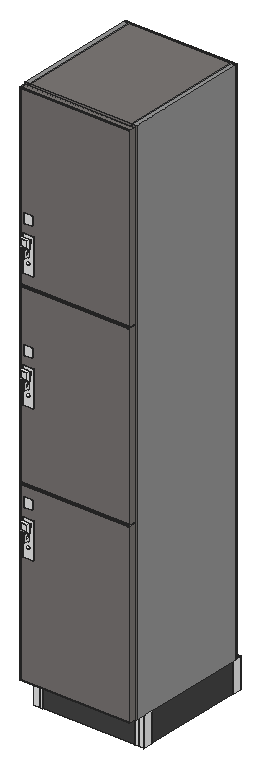
Revit family "Wood_Lockers_Hasps-Salsbury_Industries-15_43000_Series-1_Wide_Units.rfa", category Specialty Equipment, Revit 2016 (continued)
Definition of nested family "Wood Locker Flat Corner Fillers"
  Dimensions and locks (in)
    locked: plane 5 "Left Side" to plane 11 at 3
    plane 12 to plane 7 "Back Side" = 13.875"
    aligned and locked: level to plane 2
  Automatic sketch dimensions
    Extrusion 2 sketch curve to plane 5 "Left Side" = 0.000"
    plane 6 "Front Side" to Extrusion 2 sketch curve = 0.000"
    Extrusion 2 sketch curve to plane 11 = 0.000"
    Extrusion 2 sketch curve to plane 4 "Right Side" = 0.000"
    Extrusion 2 sketch curve to plane 12 = 0.000"
    plane 7 "Back Side" to Extrusion 2 sketch curve = 0.000"
    Extrusion 1 sketch curve to plane 5 "Left Side" = 0.000"
    plane 7 "Back Side" to Extrusion 1 sketch curve = 0.000"
    Extrusion 1 sketch curve to plane 12 = 0.000"
    Extrusion 1 sketch curve to plane 4 "Right Side" = 0.000"
    plane 6 "Front Side" to Extrusion 1 sketch curve = 0.000"
    Extrusion 1 sketch curve to plane 11 = 0.000"
Definition of nested family "Wood Locker Side Panels-No Slope"
  Parameters (values of type "44237 - 6' H for 24"D Lockers")
    Width = 23.625"
    Visible = yes
    Version = "1.0 (12/15/23)"
    Type Comments = "Side Panel for Premier Wood Lockers without Sloping Hood"
    Model = "44237"
    Manufacturer = "Salsbury Industries"
    Laminate Surface = none
    Height = 72.000"
    Door Trim = none
    Description = "6' H for 21\" D Lockers"
    Depth = 0.750"
  Types (6): name | Width | Visible | Version | Type Comments | Model | Manufacturer | Description
    (no name) | 23.625" | yes | "1.0 (12/15/23)" | "Side Panel for Premier Wood Lockers without Sloping Hood" | "44237" | "Salsbury Industries" | "6' H for 21\" D Lockers"
    44330 - 6' H for 15"D Lockers | 14.625" | yes | "1.0 (12/15/23)" | "Side Panel for Premier Wood Lockers without Sloping Hood" | "44330" | "Salsbury Industries" | "6' H for 15\" D Lockers"
    44333 - 6' H for 18" D Lockers | 17.625" | yes | "1.0 (12/15/23)" | "Side Panel for Premier Wood Lockers withouth Sloping Hood" | "44333" | "Salsbury Industries" | "6' H for 18\" D Lockers"
    44335 - 6' H for 21" D Lockers | 20.625" | yes | "1.0 (12/15/23)" | "Side Panel for Premier Wood Lockers without Sloping Hood" | "44335" | "Salsbury Industries" | "6' H for 21\" D Lockers"
    None | 14.000" | no | "" | "" | "" | "" | ""
    44237 - 6' H for 24"D Lockers | 23.625" | yes | "1.0 (12/15/23)" | "Side Panel for Premier Wood Lockers without Sloping Hood" | "44237" | "Salsbury Industries" | "6' H for 21\" D Lockers"
  Reference planes (in)
    plane 1 "Center (Front/Back)": y = 0
    plane 2: z = 0
    plane 3 "Center (Left/Right)": x = 0
    plane 4 "Back": y = 0.375
    plane 5 "Front": y = -0.375
    plane 6 "Left Side": x = -11.8125
    plane 7 "Right Side": x = 11.8125
    plane 8 "Bottom": z = 0
    plane 9 "Top": z = 72
    plane 10 "Center Elevation": z = 36
    plane 11 "Wood - Laminate Edge": y = -0.344
    plane 12 "Right Side of Wood": x = 11.7815
    plane 13 "Left Side of Wood": x = -11.7815
    plane 14 "Top of Wood": z = 71.969
    plane 15 "Bottom of Wood": z = 0.031
  Forms (in)
    Extrusion 1, solid, visible <- "Visible"
      sketch origin (0, 0.375, 0) x (1, 0, 0) y (0, 0, 1)
        loop
          line (11.7815, 71.969) -> (-11.7815, 71.969) -> (-11.7815, 0.031) -> (11.7815, 0.031) -> (11.7815, 71.969)
      from 0 to 0.719
    Extrusion 2, solid, material <- "Laminate Surface", visible <- "Visible"
      sketch origin (0, -0.375, 0) x (1, 0, 0) y (0, 0, 1)
        loop
          line (-11.8125, 72) -> (-11.8125, 0) -> (11.8125, 0) -> (11.8125, 72) -> (-11.8125, 72)
      from -0.031 to 0
    Extrusion 3, solid, material <- "Laminate Surface", visible <- "Visible"
      sketch origin (0, 0, 0) x (1, 0, 0) y (0, 0, 1)
        loop
          line (-11.8125, 0) -> (11.8125, 0) -> (11.8125, 72) -> (-11.8125, 72) -> (-11.8125, 0)
        loop
          line (-11.7815, 0.031) -> (11.7815, 0.031) -> (11.7815, 71.969) -> (-11.7815, 71.969) -> (-11.7815, 0.031)
      from -0.375 to 0.344
  Dimensions and locks (in)
    equal spacing: plane 6 "Left Side", plane 3 "Center (Left/Right)", plane 7 "Right Side"
    plane 5 "Front" to plane 1 "Center (Front/Back)" to plane 4 "Back" = 0.375", 0.375"
    "Width": plane 6 "Left Side" to plane 7 "Right Side"
    "Depth": plane 5 "Front" to plane 4 "Back"
    equal spacing: plane 9 "Top", plane 10 "Center Elevation", plane 8 "Bottom"
    "Height": plane 9 "Top" to plane 8 "Bottom"
    locked: plane 5 "Front" to plane 11 "Wood - Laminate Edge" at 0.031
    locked: plane 15 "Bottom of Wood" to plane 8 "Bottom" at 0.031
    locked: plane 12 "Right Side of Wood" to plane 7 "Right Side" at 0.031
    locked: plane 6 "Left Side" to plane 13 "Left Side of Wood" at 0.031
    locked: plane 9 "Top" to plane 14 "Top of Wood" at 0.031
    aligned and locked: level to plane 2
    aligned and locked: Extrusion 2 sketch curve to plane 7 "Right Side"
    aligned and locked: plane 8 "Bottom" to Extrusion 2 sketch curve
    aligned and locked: plane 6 "Left Side" to Extrusion 2 sketch curve
    aligned and locked: plane 9 "Top" to Extrusion 2 sketch curve
    aligned and locked: Extrusion 3 to plane 4 "Back"
    aligned and locked: plane 11 "Wood - Laminate Edge" to Extrusion 3
  Automatic sketch dimensions
    plane 13 "Left Side of Wood" to Extrusion 1 sketch curve = 0.000"
    plane 12 "Right Side of Wood" to Extrusion 1 sketch curve = 0.000"
    Extrusion 1 sketch curve to plane 15 "Bottom of Wood" = 0.000"
    Extrusion 1 sketch curve to plane 14 "Top of Wood" = 0.000"
    plane 13 "Left Side of Wood" to Extrusion 3 sketch curve = 0.000"
    Extrusion 3 sketch curve to level = 0.000"
    plane 13 "Left Side of Wood" to Extrusion 3 sketch curve = 0.031"
    plane 12 "Right Side of Wood" to Extrusion 3 sketch curve = 0.000"
    plane 7 "Right Side" to Extrusion 3 sketch curve = 0.000"
    Extrusion 3 sketch curve to plane 15 "Bottom of Wood" = 0.000"
    Extrusion 3 sketch curve to plane 14 "Top of Wood" = 0.000"
    Extrusion 3 sketch curve to plane 9 "Top" = 0.000"
Definition of nested family "Wood Locker Side Panels-With Slope"
  Parameters (values of type "44238 - 6' H for 24" D Lockers")
    Width = 23.625"
    Visible = yes
    Version = "1.0 (12/15/23)"
    Type Comments = "Side Panel for Premier Wood Lockers with Sloping Hood"
    Slope Height = 8.608"
    Model = "44238"
    Manufacturer = "Salsbury Industries"
    Laminate Surface = none
    Height = 72.153"
    Door Trim = none
    Description = "6' H for 24\" D Lockers"
    Depth = 0.750"
  Types (6): name | Width | Visible | Version | Type Comments | Slope Height | Model | Manufacturer | Height | Description
    (no name) | 23.625" | yes | "1.0 (12/15/23)" | "Side Panel for Premier Wood Lockers with Sloping Hood" | 8.608" | "44238" | "Salsbury Industries" | 72.153" | "6' H for 24\" D Lockers"
    44334 - 6' H  for 18" D Lockers | 17.625" | yes | "1.0 (12/15/23)" | "Side Panel for Premier Wood Lockers with Sloping Hood" | 6.806" | "44334" | "Salsbury Industries" | 72.062" | "6' H for 18\" D Lockers"
    44336 - 6' H for 21" D Lockers | 20.625" | yes | "1.0 (12/15/23)" | "Side Panel for Premier Wood Lockers with Sloping Hood" | 7.931" | "44336" | "Salsbury Industries" | 72.062" | "6' H for 21\" D Lockers"
    None | 14.625" | no | "" | "" | 5.681" | "" | "" | 72.062" | ""
    44339 - 6' H for 15" D Lockers | 14.625" | yes | "1.0 (12/15/23)" | "Side Panel for Premier Wood Lockers with Sloping Hood" | 5.681" | "44339" | "Salsbury Industries" | 72.062" | "6' H for 15\" D Lockers"
    44238 - 6' H for 24" D Lockers | 23.625" | yes | "1.0 (12/15/23)" | "Side Panel for Premier Wood Lockers with Sloping Hood" | 8.608" | "44238" | "Salsbury Industries" | 72.153" | "6' H for 24\" D Lockers"
  Reference planes (in)
    plane 1 "Center (Front/Back)": y = 0
    plane 2: z = 0
    plane 3 "Center (Left/Right)": x = 0
    plane 4 "Back": y = 0.375
    plane 5 "Front": y = -0.375
    plane 6 "Left Side": x = -11.8125
    plane 7 "Right Side": x = 11.8125
    plane 8 "Bottom": z = 0
    plane 9 "Top": z = 72.153
    plane 10 "Center Elevation": z = 36.0765
    plane 11 "Wood - Laminate Edge": y = -0.344
    plane 12 "Right Side of Wood": x = 11.7815
    plane 13 "Left Side of Wood": x = -11.7815
    plane 14 "Top of Wood": z = 72.028
    plane 15 "Bottom of Wood": z = 0.031
    plane 16: z = 80.761
    plane 17: z = 80.636
  Forms (in)
    Extrusion 1, solid, visible <- "Visible"
      sketch origin (0, 0.375, 0) x (1, 0, 0) y (0, 0, 1)
        loop
          line (-11.8125, 80.73) -> (-11.8125, 0) -> (11.7815, 0) -> (11.7815, 72.13387) -> (-11.8125, 80.73)
      from 0 to 0.719
    Extrusion 2, solid, material <- "Laminate Surface", visible <- "Visible"
      sketch origin (0, -0.375, 0) x (1, 0, 0) y (0, 0, 1)
        loop
          line (-11.8125, 0) -> (11.8125, 0) -> (11.8125, 72.153) -> (-11.8125, 80.761) -> (-11.8125, 0)
      from -0.031 to 0
    Extrusion 3, solid, material <- "Laminate Surface", visible <- "Visible"
      sketch origin (0, -0.375, 0) x (1, 0, 0) y (0, 0, 1)
        loop
          line (11.8125, 0) -> (11.8125, 72.153) -> (-11.8125, 80.761) -> (-11.8125, 80.73) -> (11.7815, 72.13387) -> (11.7815, 0) -> (11.8125, 0)
      from -0.031 to -0.75
  Dimensions and locks (in)
    equal spacing: plane 6 "Left Side", plane 3 "Center (Left/Right)", plane 7 "Right Side"
    plane 5 "Front" to plane 1 "Center (Front/Back)" to plane 4 "Back" = 0.375", 0.375"
    "Width": plane 6 "Left Side" to plane 7 "Right Side"
    "Depth": plane 5 "Front" to plane 4 "Back"
    equal spacing: plane 9 "Top", plane 10 "Center Elevation", plane 8 "Bottom"
    "Height": plane 9 "Top" to plane 8 "Bottom"
    locked: plane 5 "Front" to plane 11 "Wood - Laminate Edge" at 0.031
    locked: plane 15 "Bottom of Wood" to plane 8 "Bottom" at 0.031
    locked: plane 12 "Right Side of Wood" to plane 7 "Right Side" at 0.031
    locked: plane 6 "Left Side" to plane 13 "Left Side of Wood" at 0.031
    locked: plane 9 "Top" to plane 14 "Top of Wood" at 0.125
    "Slope Height": plane 16 to plane 9 "Top"
    locked: plane 16 to plane 17 at 0.125
    aligned and locked: level to plane 2
    aligned and locked: Extrusion 3 to plane 4 "Back"
    aligned and locked: plane 11 "Wood - Laminate Edge" to Extrusion 3
  Automatic sketch dimensions
    plane 6 "Left Side" to Extrusion 2 sketch curve = 0.000"
    plane 7 "Right Side" to Extrusion 2 sketch curve = 0.000"
    Extrusion 2 sketch curve to level = 0.000"
    Extrusion 2 sketch curve to plane 9 "Top" = 0.000"
    Extrusion 2 sketch curve to plane 16 = 0.000"
    Extrusion 1 sketch curve to level = 0.000"
    plane 6 "Left Side" to Extrusion 1 sketch curve = 0.000"
    plane 12 "Right Side of Wood" to Extrusion 1 sketch curve = 0.000"
    plane 9 "Top" to Extrusion 1 sketch curve = 0.01913"
    plane 6 "Left Side" to Extrusion 3 sketch curve = 0.000"
    plane 12 "Right Side of Wood" to Extrusion 3 sketch curve = 0.000"
    plane 7 "Right Side" to Extrusion 3 sketch curve = 0.000"
    Extrusion 3 sketch curve to level = 0.000"
    Extrusion 3 sketch curve to plane 9 "Top" = 0.000"
    Extrusion 3 sketch curve to plane 16 = 0.000"
    plane 9 "Top" to Extrusion 3 sketch curve = 0.01913"
    plane 16 to Extrusion 3 sketch curve = 0.031"
    plane 16 to Extrusion 1 sketch curve = 0.031"
Definition of nested family "Wood Locker Double Side Panels-No Slope"
  Parameters (values of type "44237DE - 6' H for 24"D Lockers")
    Width = 47.250"
    Visible = yes
    Version = "1.0 (12/15/23)"
    Type Comments = "Double End Panel for Premier Wood Lockers"
    Model = "44237DE"
    Manufacturer = "Salsbury Industries"
    Laminate Surface = none
    Height = 72.000"
    Door Trim = none
    Description = "For 6' H x 21\" D without Sloping Hood"
    Depth = 0.750"
  Types (6): name | Width | Visible | Version | Type Comments | Model | Manufacturer | Description
    (no name) | 47.250" | yes | "1.0 (12/15/23)" | "Double End Panel for Premier Wood Lockers" | "44237DE" | "Salsbury Industries" | "For 6' H x 21\" D without Sloping Hood"
    44330DE - 6' H for 15"D Lockers | 29.250" | yes | "1.0 (12/15/23)" | "Double End Panel for Premier Wood Lockers" | "44330DE" | "Salsbury Industries" | "For 6' H x 15\" D without Sloping Hood"
    44333DE - 6' H for 18" D Lockers | 35.250" | yes | "1.0 (12/15/23)" | "Double End Panel for Premier Wood Lockers" | "44333DE" | "Salsbury Industries" | "For 6' H x 18\" D without Sloping Hood"
    44335DE - 6' H for 21" D Lockers | 41.250" | yes | "1.0 (12/15/23)" | "Double End Panel for Premier Wood Lockers" | "44335DE" | "Salsbury Industries" | "For 6' H x 21\" D without Sloping Hood"
    None | 14.000" | no | "" | "" | "" | "" | ""
    44237DE - 6' H for 24"D Lockers | 47.250" | yes | "1.0 (12/15/23)" | "Double End Panel for Premier Wood Lockers" | "44237DE" | "Salsbury Industries" | "For 6' H x 21\" D without Sloping Hood"
  Reference planes (in)
    plane 1 "Center (Front/Back)": y = 0
    plane 2: z = 0
    plane 3 "Center (Left/Right)": x = 0
    plane 4 "Back": y = 0.375
    plane 5 "Front": y = -0.375
    plane 6 "Left Side": x = -23.625
    plane 7 "Right Side": x = 23.625
    plane 8 "Bottom": z = 0
    plane 9 "Top": z = 72
    plane 10 "Center Elevation": z = 36
    plane 11 "Wood - Laminate Edge": y = -0.344
    plane 12 "Right Side of Wood": x = 23.594
    plane 13 "Left Side of Wood": x = -23.594
    plane 14 "Top of Wood": z = 71.969
    plane 15 "Bottom of Wood": z = 0.031
  Forms (in)
    Extrusion 1, solid, visible <- "Visible"
      sketch origin (0, 0.375, 0) x (1, 0, 0) y (0, 0, 1)
        loop
          line (23.594, 71.969) -> (-23.594, 71.969) -> (-23.594, 0.031) -> (23.594, 0.031) -> (23.594, 71.969)
      from 0 to 0.719
    Extrusion 2, solid, material <- "Laminate Surface", visible <- "Visible"
      sketch origin (0, -0.375, 0) x (1, 0, 0) y (0, 0, 1)
        loop
          line (-23.625, 72) -> (-23.625, 0) -> (23.625, 0) -> (23.625, 72) -> (-23.625, 72)
      from -0.031 to 0
    Extrusion 3, solid, material <- "Laminate Surface", visible <- "Visible"
      sketch origin (0, 0, 0) x (1, 0, 0) y (0, 0, 1)
        loop
          line (-23.625, 0) -> (23.625, 0) -> (23.625, 72) -> (-23.625, 72) -> (-23.625, 0)
        loop
          line (23.594, 71.969) -> (-23.594, 71.969) -> (-23.594, 0.031) -> (23.594, 0.031) -> (23.594, 71.969)
      from -0.375 to 0.344
  Dimensions and locks (in)
    equal spacing: plane 6 "Left Side", plane 3 "Center (Left/Right)", plane 7 "Right Side"
    plane 5 "Front" to plane 1 "Center (Front/Back)" to plane 4 "Back" = 0.375", 0.375"
    "Width": plane 6 "Left Side" to plane 7 "Right Side"
    "Depth": plane 5 "Front" to plane 4 "Back"
    equal spacing: plane 9 "Top", plane 10 "Center Elevation", plane 8 "Bottom"
    "Height": plane 9 "Top" to plane 8 "Bottom"
    locked: plane 5 "Front" to plane 11 "Wood - Laminate Edge" at 0.031
    locked: plane 15 "Bottom of Wood" to plane 8 "Bottom" at 0.031
    plane 12 "Right Side of Wood" to plane 7 "Right Side" = 0.031"
    locked: plane 6 "Left Side" to plane 13 "Left Side of Wood" at 0.031
    locked: plane 9 "Top" to plane 14 "Top of Wood" at 0.031
    aligned and locked: level to plane 2
    aligned and locked: Extrusion 2 sketch curve to plane 8 "Bottom"
    aligned and locked: plane 6 "Left Side" to Extrusion 2 sketch curve
    aligned and locked: Extrusion 2 sketch curve to plane 7 "Right Side"
    aligned and locked: Extrusion 2 sketch curve to plane 9 "Top"
    aligned and locked: Extrusion 3 to plane 4 "Back"
    aligned and locked: plane 11 "Wood - Laminate Edge" to Extrusion 3
  Automatic sketch dimensions
    plane 13 "Left Side of Wood" to Extrusion 1 sketch curve = 0.000"
    plane 12 "Right Side of Wood" to Extrusion 1 sketch curve = 0.000"
    Extrusion 1 sketch curve to plane 15 "Bottom of Wood" = 0.000"
    Extrusion 1 sketch curve to plane 14 "Top of Wood" = 0.000"
    Extrusion 3 sketch curve to level = 0.000"
    plane 6 "Left Side" to Extrusion 3 sketch curve = 0.000"
    plane 7 "Right Side" to Extrusion 3 sketch curve = 0.000"
    Extrusion 3 sketch curve to plane 9 "Top" = 0.000"
    plane 13 "Left Side of Wood" to Extrusion 3 sketch curve = 0.000"
    Extrusion 3 sketch curve to plane 15 "Bottom of Wood" = 0.000"
    Extrusion 3 sketch curve to plane 14 "Top of Wood" = 0.000"
    plane 12 "Right Side of Wood" to Extrusion 3 sketch curve = 0.000"
Definition of nested family "Wood Locker Double Side Panels-With Slope"
  Parameters (values of type "44238DE - 6' H for 24"D Lockers")
    Width = 47.250"
    Visible = yes
    Version = "1.0 (12/15/23)"
    Type Comments = "Double End Panel for Premier Wood Lockers"
    Slope Height = 8.895"
    Model = "442386DE"
    Manufacturer = "Salsbury Industries"
    Laminate Surface = none
    Height = 72.153"
    Door Trim = none
    Description = "For 6' H x 21\" D Lockers with Sloping Hood"
    Depth = 0.750"
  Types (6): name | Width | Visible | Version | Type Comments | Slope Height | Model | Manufacturer | Height | Description
    (no name) | 47.250" | yes | "1.0 (12/15/23)" | "Double End Panel for Premier Wood Lockers" | 8.895" | "442386DE" | "Salsbury Industries" | 72.153" | "For 6' H x 21\" D Lockers with Sloping Hood"
    44339DE - 6' H for 15"D Lockers | 29.250" | yes | "1.0 (12/15/23)" | "Double End Panel for Premier Wood Lockers" | 5.681" | "44339DE" | "Salsbury Industries" | 72.062" | "For 6' H x 15\" D Lockers with Sloping Hood"
    44334DE - 6' H  for 18" D Lockers | 35.250" | yes | "1.0 (12/15/23)" | "Double End Panel for Premier Wood Lockers" | 6.806" | "44334DE" | "Salsbury Industries" | 72.062" | "For 6' H x 18\" D Lockers with Sloping Hood"
    44336DE - 6' H for 21" D Lockers | 41.250" | yes | "1.0 (12/15/23)" | "Double End Panel for Premier Wood Lockers" | 7.931" | "44336DE" | "Salsbury Industries" | 72.062" | "For 6' H x 21\" D Lockers with Sloping Hood"
    None | 14.000" | no | "" | "" | 5.500" | "" | "" | 72.000" | ""
    44238DE - 6' H for 24"D Lockers | 47.250" | yes | "1.0 (12/15/23)" | "Double End Panel for Premier Wood Lockers" | 8.895" | "442386DE" | "Salsbury Industries" | 72.153" | "For 6' H x 21\" D Lockers with Sloping Hood"
  Reference planes (in)
    plane 1 "Center (Front/Back)": y = 0
    plane 2: z = 0
    plane 3 "Center (Left/Right)": x = 0
    plane 4 "Back": y = 0.375
    plane 5 "Front": y = -0.375
    plane 6 "Left Side": x = -23.625
    plane 7 "Right Side": x = 23.625
    plane 8 "Bottom": z = 0
    plane 9 "Top": z = 72.153
    plane 10 "Center Elevation": z = 36.0765
    plane 11 "Wood - Laminate Edge": y = -0.344
    plane 12 "Right Side of Wood": x = 23.594
    plane 13 "Left Side of Wood": x = -23.594
    plane 14 "Top of Wood": z = 72.028
    plane 15 "Bottom of Wood": z = 0.125
    plane 16: z = 81.048
    plane 17: z = 81.017
  Forms (in)
    Extrusion 1, solid, visible <- "Visible"
      sketch origin (0, 0.375, 0) x (1, 0, 0) y (0, 0, 1)
        loop
          line (23.594, 72.122) -> (0, 81.017) -> (-23.594, 72.122) -> (-23.594, 0) -> (23.594, 0) -> (23.594, 72.122)
      from 0 to 0.719
    Extrusion 2, solid, material <- "Laminate Surface", visible <- "Visible"
      sketch origin (0, -0.375, 0) x (1, 0, 0) y (0, 0, 1)
        loop
          line (23.625, 0) -> (23.625, 72.153) -> (0, 81.048) -> (-23.625, 72.153) -> (-23.625, 0) -> (23.625, 0)
      from -0.031 to 0
    Extrusion 3, solid, material <- "Laminate Surface", visible <- "Visible"
      sketch origin (0, 0.375, 0) x (1, 0, 0) y (0, 0, 1)
        loop
          line (23.625, 0) -> (23.625, 72.153) -> (0, 81.048) -> (-23.625, 72.153) -> (-23.625, 0) -> (-23.594, 0) -> (-23.594, 72.122) -> (0, 81.017) -> (23.594, 72.122) -> (23.594, 0) -> (23.625, 0)
      from 0 to 0.719
  Dimensions and locks (in)
    equal spacing: plane 6 "Left Side", plane 3 "Center (Left/Right)", plane 7 "Right Side"
    plane 5 "Front" to plane 1 "Center (Front/Back)" to plane 4 "Back" = 0.375", 0.375"
    "Width": plane 6 "Left Side" to plane 7 "Right Side"
    "Depth": plane 5 "Front" to plane 4 "Back"
    equal spacing: plane 9 "Top", plane 10 "Center Elevation", plane 8 "Bottom"
    "Height": plane 9 "Top" to plane 8 "Bottom"
    locked: plane 5 "Front" to plane 11 "Wood - Laminate Edge" at 0.031
    locked: plane 15 "Bottom of Wood" to plane 8 "Bottom" at 0.125
    locked: plane 12 "Right Side of Wood" to plane 7 "Right Side" at 0.031
    locked: plane 6 "Left Side" to plane 13 "Left Side of Wood" at 0.031
    locked: plane 9 "Top" to plane 14 "Top of Wood" at 0.125
    "Slope Height": plane 16 to plane 9 "Top"
    locked: plane 16 to plane 17 at 0.031
    aligned and locked: level to plane 2
    aligned and locked: Extrusion 3 to plane 4 "Back"
    aligned and locked: plane 11 "Wood - Laminate Edge" to Extrusion 3
  Automatic sketch dimensions
    plane 6 "Left Side" to Extrusion 2 sketch curve = 0.000"
    Extrusion 2 sketch curve to plane 3 "Center (Left/Right)" = 0.000"
    plane 7 "Right Side" to Extrusion 2 sketch curve = 0.000"
    Extrusion 2 sketch curve to level = 0.000"
    Extrusion 2 sketch curve to plane 9 "Top" = 0.000"  (x2)
    Extrusion 2 sketch curve to plane 16 = 0.000"
    Extrusion 1 sketch curve to level = 0.000"
    plane 13 "Left Side of Wood" to Extrusion 1 sketch curve = 0.000"
    Extrusion 1 sketch curve to plane 3 "Center (Left/Right)" = 0.000"
    plane 12 "Right Side of Wood" to Extrusion 1 sketch curve = 0.000"
    Extrusion 1 sketch curve to plane 17 = 0.000"
    plane 9 "Top" to Extrusion 1 sketch curve = 0.031"  (x2)
    Extrusion 3 sketch curve to level = 0.000"  (x2)
    plane 6 "Left Side" to Extrusion 3 sketch curve = 0.000"
    plane 13 "Left Side of Wood" to Extrusion 3 sketch curve = 0.000"
    Extrusion 3 sketch curve to plane 3 "Center (Left/Right)" = 0.000"  (x2)
    plane 12 "Right Side of Wood" to Extrusion 3 sketch curve = 0.000"
    plane 7 "Right Side" to Extrusion 3 sketch curve = 0.000"
    Extrusion 3 sketch curve to plane 9 "Top" = 0.000"  (x2)
    plane 9 "Top" to Extrusion 3 sketch curve = 0.031"  (x2)
    Extrusion 3 sketch curve to plane 17 = 0.000"
    Extrusion 3 sketch curve to plane 16 = 0.000"
Definition of nested family "Wood Locker Front Fillers"
  Parameters (values of type "44469 - 9" W for 6' H Lockers without Base")
    Width = 9.000"
    Visible Base = no
    Visible = yes
    Version = "1.0 (1/31/24)"
    Type Comments = "Front Vertical Filler for Premier Wood Lockers"
    Model = "44469"
    Manufacturer = "Salsbury Industries"
    Laminate Surface = none
    Height = 72.000"
    Description = "For 6' H Lockers"
    Depth = 0.750"
    Base Height = 0.000"
  Types (6): name | Width | Visible Base | Visible | Version | Type Comments | Model | Manufacturer | Description | Base Height
    (no name) | 9.000" | no | yes | "1.0 (1/31/24)" | "Front Vertical Filler for Premier Wood Lockers" | "44469" | "Salsbury Industries" | "For 6' H Lockers" | 0.000"
    44467 - 15"W for 6' H Lockers with Base | 15.000" | yes | yes | "1.0 (01/31/24)" | "Front Vertical Filler for Premier Wood Lockers" | "444367" | "Salsbury Industries" | "For 6' H Lockers" | 4.000"
    None | 15.000" | no | no | "" | "" | "" | "" | "" | 4.000"
    44469 - 9" W for 6' H Lockers with Base | 9.000" | yes | yes | "1.0 (01/31/24)" | "Front Vertical Filler for Premier Wood Lockers" | "44469" | "Salsbury Industries" | "For 6' H Lockers" | 4.000"
    44467 - 15" W for 6'H Lockers without Base | 15.000" | no | yes | "1.0 (01/31/24)" | "Front Vertical Filler for Premier Wood Lockers" | "44467" | "Salsbury Industries" | "For 6' H Lockers" | 0.000"
    44469 - 9" W for 6' H Lockers without Base | 9.000" | no | yes | "1.0 (1/31/24)" | "Front Vertical Filler for Premier Wood Lockers" | "44469" | "Salsbury Industries" | "For 6' H Lockers" | 0.000"
  Reference planes (in)
    plane 1 "Center (Front/Back)": y = 0
    plane 2: z = 0
    plane 3 "Center (Left/Right)": x = 0
    plane 4 "Back": y = 0.375
    plane 5 "Front": y = -0.375
    plane 6 "Left Side": x = -4.5
    plane 7 "Right Side": x = 4.5
    plane 8 "Bottom": z = 0
    plane 9 "Top": z = 72
    plane 10 "Center Elevation": z = 36
    plane 11 "Wood - Laminate Edge": y = -0.344
    plane 12 "Right Side of Wood": x = 4.375
    plane 13 "Left Side of Wood": x = -4.375
    plane 14 "Top of Wood": z = 71.875
    plane 15 "Bottom of Wood": z = 0.125
    plane 16 "Front of Base Filler": y = 1
  Forms (in)
    Extrusion 1, solid, visible <- "Visible"
      sketch origin (0, 0.375, 0) x (1, 0, 0) y (0, 0, 1)
        loop
          line (4.5, 72) -> (-4.5, 72) -> (-4.5, 0) -> (4.5, 0) -> (4.5, 72)
      from 0 to 0.719
    Extrusion 2, solid, material <- "Laminate Surface", visible <- "Visible"
      sketch origin (0, -0.375, 0) x (1, 0, 0) y (0, 0, 1)
        loop
          line (-4.5, 72) -> (-4.5, 0) -> (4.5, 0) -> (4.5, 72) -> (-4.5, 72)
      from -0.031 to 0
    Extrusion 3, solid, visible <- "Visible Base"
      sketch origin (0, 0, 0) x (1, 0, 0) y (0, 1, 0)
        loop
          line (-4.5, 1.75) -> (-4.5, 0.375) -> (4.5, 0.375) -> (4.5, 1.75) -> (-4.5, 1.75)
      from 0 to 0.75
    Extrusion 4, solid, visible <- "Visible Base"
      sketch origin (0, 0, 0) x (1, 0, 0) y (0, 1, 0)
        loop
          line (-4.5, 1.75) -> (-4.5, 1) -> (4.5, 1) -> (4.5, 1.75) -> (-4.5, 1.75)
      from 0 to -4
  Dimensions and locks (in)
    equal spacing: plane 6 "Left Side", plane 3 "Center (Left/Right)", plane 7 "Right Side"
    plane 5 "Front" to plane 1 "Center (Front/Back)" to plane 4 "Back" = 0.375", 0.375"
    "Width": plane 6 "Left Side" to plane 7 "Right Side"
    "Depth": plane 5 "Front" to plane 4 "Back"
    equal spacing: plane 9 "Top", plane 10 "Center Elevation", plane 8 "Bottom"
    locked: plane 5 "Front" to plane 11 "Wood - Laminate Edge" at 0.031
    locked: plane 15 "Bottom of Wood" to plane 8 "Bottom" at 0.125
    locked: plane 12 "Right Side of Wood" to plane 7 "Right Side" at 0.125
    locked: plane 6 "Left Side" to plane 13 "Left Side of Wood" at 0.125
    locked: plane 9 "Top" to plane 14 "Top of Wood" at 0.125
    locked: plane 5 "Front" to plane 16 "Front of Base Filler" at 1.375
    "Base Height": plane 8 "Bottom" to plane 2
    "Height": plane 9 "Top" to plane 8 "Bottom"
    aligned and locked: level to plane 2
    aligned and locked: plane 8 "Bottom" to Extrusion 1
  Automatic sketch dimensions
    plane 6 "Left Side" to Extrusion 1 sketch curve = 0.000"
    plane 7 "Right Side" to Extrusion 1 sketch curve = 0.000"
    level to Extrusion 1 sketch curve = 0.000"
    Extrusion 1 sketch curve to plane 9 "Top" = 0.000"
    plane 6 "Left Side" to Extrusion 2 sketch curve = 0.000"
    plane 7 "Right Side" to Extrusion 2 sketch curve = 0.000"
    plane 15 "Bottom of Wood" to Extrusion 2 sketch curve = 0.125"
    Extrusion 2 sketch curve to plane 9 "Top" = 0.000"
    plane 4 "Back" to Extrusion 3 sketch curve = 0.000"
    Extrusion 3 sketch curve to plane 6 "Left Side" = 0.000"
    Extrusion 3 sketch curve to plane 7 "Right Side" = 0.000"
    Extrusion 3 sketch curve to plane 16 "Front of Base Filler" = 0.750"
    Extrusion 4 sketch curve to plane 6 "Left Side" = 0.000"
    Extrusion 4 sketch curve to plane 7 "Right Side" = 0.000"
    plane 16 "Front of Base Filler" to Extrusion 4 sketch curve = 0.000"
    Extrusion 4 sketch curve to plane 16 "Front of Base Filler" = 0.750"
Definition of nested family "Wood Locker Front Corner Filler"
  Parameters (values of type "44464 - for 6' H Lockers with Base")
    Width = 2.250"
    Visible Base = yes
    Visible = yes
    Version = "1.0 (12/15/23)"
    Type Comments = "Front Vertical Corner Filler for Designer Wood Lockers"
    Primary Structure Materials = none
    Model = "44464"
    Manufacturer = "Salsbury Industries"
    Laminate Surface = none
    Height = 72.000"
    Description = "For 6' H Lockers"
    Depth = 0.750"
    Base Primary Materials = none
    Base Height = 4.000"
  Types (3): name | Visible Base | Visible | Version | Type Comments | Model | Manufacturer | Description | Base Height
    None | no | no | "" | "" | "" | "" | "" | 4.000"
    44464 - for 6'H Lockers without Base | no | yes | "1.0 (12/15/23)" | "Front Vertical Corner Filler for Designer Wood Lockers" | "44464" | "Salsbury Industries" | "For 6' H Lockers" | 0.000"
    44464 - for 6' H Lockers with Base | yes | yes | "1.0 (12/15/23)" | "Front Vertical Corner Filler for Designer Wood Lockers" | "44464" | "Salsbury Industries" | "For 6' H Lockers" | 4.000"
  Reference planes (in)
    plane 1 "Center (Front/Back)": y = 0
    plane 2 "Bottom of Base": z = 0
    plane 3 "Center (Left/Right)": x = 0
    plane 4 "Back": y = 0.375
    plane 5 "Front": y = -0.375
    plane 6 "Left Side": x = -1.125
    plane 7 "Right Side": x = 1.125
    plane 8 "Bottom": z = 4
    plane 9 "Top": z = 76
    plane 10 "Center Elevation": z = 40
    plane 11 "Wood - Laminate Edge": y = -0.344
    plane 12 "Right Side of Wood": x = 1
    plane 13 "Left Side of Wood": x = -1
    plane 14 "Top of Wood": z = 75.875
    plane 15 "Bottom of Wood": z = 4.125
    plane 16 "Front of Base Filler": y = 1
  Forms (in)
    Extrusion 1, solid, material <- "Primary Structure Materials", visible <- "Visible"
      sketch origin (0, 0.375, 0) x (1, 0, 0) y (0, 0, 1)
        loop
          line (1.125, 76) -> (-1.156, 76) -> (-1.156, 4) -> (1.125, 4) -> (1.125, 76)
      from 0 to 0.719
    Extrusion 2, solid, material <- "Laminate Surface", visible <- "Visible"
      sketch origin (0, -0.375, 0) x (1, 0, 0) y (0, 0, 1)
        loop
          line (-1.125, 76) -> (-1.125, 4) -> (1.125, 4) -> (1.125, 76) -> (-1.125, 76)
      from -0.031 to 0
    Extrusion 3, solid, material <- "Primary Structure Materials", visible <- "Visible"
      sketch origin (-1.875, -1.5, 0) x (0, 1, 0) y (0, 0, 1)
        loop
          line (1.875, 76) -> (-1.125, 76) -> (-1.125, 4) -> (1.875, 4) -> (1.875, 76)
      from 0 to 0.719
    Extrusion 4, solid, material <- "Laminate Surface", visible <- "Visible"
      sketch origin (-1.125, -1.5, 0) x (0, 1, 0) y (0, 0, 1)
        loop
          line (-1.125, 76) -> (-1.125, 4) -> (1.156, 4) -> (1.156, 76) -> (-1.125, 76)
      from -0.031 to 0
    Extrusion 5, solid, material <- "Base Primary Materials", visible <- "Visible Base"
      sketch origin (0, 0, 0) x (1, 0, 0) y (0, 1, 0)
        loop
          line (-3.25, 1.75) -> (-3.25, -2.625) -> (-1.875, -2.625) -> (-1.875, 1.75) -> (-3.25, 1.75)
      from 4 to 4.75
    Extrusion 6, solid, material <- "Base Primary Materials", visible <- "Visible Base"
      sketch origin (0, 0, 0) x (1, 0, 0) y (0, 1, 0)
        loop
          line (-1.875, 1.75) -> (-1.875, 0.375) -> (1.125, 0.375) -> (1.125, 1.75) -> (-1.875, 1.75)
      from 4 to 4.75
    Extrusion 7, solid, material <- "Base Primary Materials", visible <- "Visible Base"
      sketch origin (0, 0, 0) x (1, 0, 0) y (0, 1, 0)
        loop
          line (1.125, 1.75) -> (-2.43407, 1.75) -> (-2.43407, 1) -> (1.125, 1) -> (1.125, 1.75)
      from 0 to 4
    Extrusion 8, solid, material <- "Base Primary Materials", visible <- "Visible Base"
      sketch origin (0, 0, 0) x (1, 0, 0) y (0, 1, 0)
        loop
          line (-3.25, 1.75) -> (-3.25, -2.625) -> (-2.43407, -2.625) -> (-2.43407, 1.75) -> (-3.25, 1.75)
      from 0 to 4
  Dimensions and locks (in)
    equal spacing: plane 6 "Left Side", plane 3 "Center (Left/Right)", plane 7 "Right Side"
    plane 5 "Front" to plane 1 "Center (Front/Back)" to plane 4 "Back" = 0.375", 0.375"
    "Width": plane 6 "Left Side" to plane 7 "Right Side"
    "Depth": plane 5 "Front" to plane 4 "Back"
    equal spacing: plane 9 "Top", plane 10 "Center Elevation", plane 8 "Bottom"
    "Height": plane 9 "Top" to plane 8 "Bottom"
    locked: plane 5 "Front" to plane 11 "Wood - Laminate Edge" at 0.031
    locked: plane 15 "Bottom of Wood" to plane 8 "Bottom" at 0.125
    locked: plane 12 "Right Side of Wood" to plane 7 "Right Side" at 0.125
    locked: plane 6 "Left Side" to plane 13 "Left Side of Wood" at 0.125
    locked: plane 9 "Top" to plane 14 "Top of Wood" at 0.125
    locked: plane 5 "Front" to plane 16 "Front of Base Filler" at 1.375
    "Base Height": plane 8 "Bottom" to plane 2 "Bottom of Base"
    aligned and locked: level to plane 2 "Bottom of Base"
    aligned and locked: plane 8 "Bottom" to Extrusion 1
    aligned and locked: Extrusion 7 to Extrusion 5
    aligned and locked: Extrusion 8 to Extrusion 5
    aligned and locked: Extrusion 7 to Extrusion 8
  Automatic sketch dimensions
    Extrusion 1 sketch curve to plane 9 "Top" = 0.000"
    Extrusion 1 sketch curve to plane 8 "Bottom" = 0.000"
    plane 7 "Right Side" to Extrusion 1 sketch curve = 0.000"
    plane 6 "Left Side" to Extrusion 1 sketch curve = 0.031"
    plane 6 "Left Side" to Extrusion 2 sketch curve = 0.000"
    plane 7 "Right Side" to Extrusion 2 sketch curve = 0.000"
    Extrusion 2 sketch curve to plane 8 "Bottom" = 0.000"
    Extrusion 2 sketch curve to plane 9 "Top" = 0.000"
    plane 9 "Top" to Extrusion 3 sketch curve = 0.000"
    plane 8 "Bottom" to Extrusion 3 sketch curve = 0.000"
    Extrusion 3 sketch curve to plane 4 "Back" = 0.000"
    plane 5 "Front" to Extrusion 3 sketch curve = 2.250"
    plane 8 "Bottom" to Extrusion 4 sketch curve = 0.000"
    plane 9 "Top" to Extrusion 4 sketch curve = 0.000"
    Extrusion 4 sketch curve to plane 11 "Wood - Laminate Edge" = 0.000"
    plane 5 "Front" to Extrusion 4 sketch curve = 2.250"
    plane 6 "Left Side" to Extrusion 5 sketch curve = 2.125"
    plane 6 "Left Side" to Extrusion 5 sketch curve = 0.750"
    plane 5 "Front" to Extrusion 5 sketch curve = 2.250"
    Extrusion 5 sketch curve to plane 16 "Front of Base Filler" = 0.750"
    plane 16 "Front of Base Filler" to Extrusion 7 sketch curve = 0.000"
    Extrusion 7 sketch curve to plane 7 "Right Side" = 0.000"
    plane 6 "Left Side" to Extrusion 7 sketch curve = 1.30907"
    Extrusion 7 sketch curve to plane 16 "Front of Base Filler" = 0.750"
    plane 6 "Left Side" to Extrusion 8 sketch curve = 2.125"
    Extrusion 8 sketch curve to Extrusion 8 sketch curve = 0.81593"
    plane 5 "Front" to Extrusion 8 sketch curve = 2.250"
    Extrusion 8 sketch curve to plane 16 "Front of Base Filler" = 0.750"
    plane 4 "Back" to Extrusion 6 sketch curve = 0.000"
    Extrusion 6 sketch curve to plane 7 "Right Side" = 0.000"
    plane 6 "Left Side" to Extrusion 6 sketch curve = 0.750"
    Extrusion 6 sketch curve to plane 16 "Front of Base Filler" = 0.750"
Definition of nested family "Wood Locker Sloping In-Line Fillers"
  Parameters (values of type "44489 - 15" W for 24" D Lockers")
    Width = 15.000"
    Visible = yes
    Version = "1.0 (12/15/23)"
    Type Comments = "Sloping Hood In-Line Filler for Premier Wood Lockers"
    Model = "44489"
    Manufacturer = "Salsbury Industries"
    Laminate Surface = none
    Height = 9.118"
    Description = "For 24\" D Lockers"
    Depth = 23.625"
  Types (10): name | Width | Visible | Version | Type Comments | Model | Manufacturer | Height | Description | Depth
    (no name) | 15.000" | yes | "1.0 (12/15/23)" | "Sloping Hood In-Line Filler for Premier Wood Lockers" | "44489" | "Salsbury Industries" | 9.118" | "For 24\" D Lockers" | 23.625"
    44487 - 15" W for 15" D Lockers | 15.000" | yes | "1.0 (12/15/23)" | "Sloping Hood In-Line Filler for Premier Wood Lockers" | "44487" | "Salsbury Industries" | 5.743" | "For 15\" D Lockers" | 14.625"
    44488 - 15" W for 18" D Lockers | 15.000" | yes | "1.0 (12/15/23)" | "Sloping Hood In-Line Filler for Premier Wood Lockers" | "44488" | "Salsbury Industries" | 6.868" | "For 18\" D Lockers" | 17.625"
    44481 - 15" W for 21" D Lockers | 15.000" | yes | "1.0 (12/15/23)" | "Sloping Hood In-Line Filler for Premier Wood Lockers" | "44481" | "Salsbury Industries" | 7.993" | "For 21\" D Lockers" | 20.625"
    None | 12.000" | no | "" | "" | "" | "" | 5.500" | "" | 14.000"
    44489 - 15" W for 24" D Lockers | 15.000" | yes | "1.0 (12/15/23)" | "Sloping Hood In-Line Filler for Premier Wood Lockers" | "44489" | "Salsbury Industries" | 9.118" | "For 24\" D Lockers" | 23.625"
    44488 - 9" W for 18" D Lockers | 9.000" | yes | "1.0 (12/15/23)" | "Sloping Hood In-Line Filler for Premier Wood Lockers" | "44488" | "Salsbury Industries" | 6.868" | "For 18\" D Lockers" | 17.625"
    44487 - 9" W for 15" D Lockers | 9.000" | yes | "1.0 (12/15/23)" | "Sloping Hood In-Line Filler for Premier Wood Lockers" | "44487" | "Salsbury Industries" | 5.743" | "For 15\" D Lockers" | 14.625"
    44481 - 9" W for 21" D Lockers | 9.000" | yes | "1.0 (12/15/23)" | "Sloping Hood In-Line Filler for Premier Wood Lockers" | "44481" | "Salsbury Industries" | 7.993" | "For 21\" D Lockers" | 20.625"
    44489 - 9" W for 24" D Lockers | 9.000" | yes | "1.0 (12/15/23)" | "Sloping Hood In-Line Filler for Premier Wood Lockers" | "44489" | "Salsbury Industries" | 9.118" | "For 24\" D Lockers" | 23.625"
  Reference planes (in)
    plane 1 "Center (Front/Back)": y = 0
    plane 2: z = 0
    plane 3 "Center (Left/Right)": x = 0
    plane 4 "Front of Hood": y = -11.8125
    plane 5 "Back of Hood": y = 11.8125
    plane 6 "Right Side of Hood": x = 7.5
    plane 7 "Left Side of Hood": x = -7.5
    plane 8 "Bottom of Hood": z = 0
    plane 9 "Top of Hood": z = 9.118
    plane 10: x = 6.75
    plane 11: x = -6.75
    plane 12: y = -11.7815
    plane 13: y = -11.0625
    plane 14: z = 9.087
    plane 15: z = 8.368
    plane 16: z = 0.062
    plane 17: z = 0.75
  Forms (in)
    Extrusion 1, solid, visible <- "Visible"
      sketch origin (0, 0, 0) x (0, 1, 0) y (0, 0, 1)
        loop
          line (-9.97273, 0) -> (11.8125, 8.368) -> (11.8125, 9.087) -> (-11.73269, 0.062) -> (-11.7815, 0.062) -> (-11.7815, 0) -> (-9.97273, 0)
      from -7.5 to 7.5
    Extrusion 2, solid, material <- "Laminate Surface", visible <- "Visible"
      sketch origin (0, 0, 0) x (0, 1, 0) y (0, 0, 1)
        loop
          line (-11.8125, 0.062) -> (-11.8125, 0) -> (-11.7815, 0) -> (-11.7815, 0.062) -> (-11.8125, 0.062)
      from -7.5 to 7.5
    Extrusion 3, solid, material <- "Laminate Surface", visible <- "Visible"
      sketch origin (0, 0, 0) x (0, 1, 0) y (0, 0, 1)
        loop
          line (11.8125, 9.118) -> (-11.8125, 0.062) -> (-11.73269, 0.062) -> (11.8125, 9.087) -> (11.8125, 9.118)
      from -7.5 to 7.5
  Dimensions and locks (in)
    equal spacing: plane 7 "Left Side of Hood", plane 3 "Center (Left/Right)", plane 6 "Right Side of Hood"
    "Width": plane 7 "Left Side of Hood" to plane 6 "Right Side of Hood"
    equal spacing: plane 4 "Front of Hood", plane 1 "Center (Front/Back)", plane 5 "Back of Hood"
    "Depth": plane 4 "Front of Hood" to plane 5 "Back of Hood"
    "Height": plane 9 "Top of Hood" to plane 8 "Bottom of Hood"
    plane 7 "Left Side of Hood" to plane 11 = 0.750"
    plane 10 to plane 6 "Right Side of Hood" = 0.750"
    plane 4 "Front of Hood" to plane 12 to plane 13 = 0.031" locked, 0.719" locked
    plane 15 to plane 14 to plane 9 "Top of Hood" = 0.719" locked, 0.031" locked
    locked: plane 16 to plane 8 "Bottom of Hood" at 0.062
    locked: plane 17 to plane 8 "Bottom of Hood" at 0.75
    aligned and locked: level to plane 2
    aligned and locked: Extrusion 1 to plane 6 "Right Side of Hood"
    aligned and locked: plane 7 "Left Side of Hood" to Extrusion 1
    aligned and locked: plane 7 "Left Side of Hood" to Extrusion 3
    aligned and locked: Extrusion 3 to plane 6 "Right Side of Hood"
    aligned and locked: Extrusion 2 to plane 6 "Right Side of Hood"
    aligned and locked: plane 7 "Left Side of Hood" to Extrusion 2
  Automatic sketch dimensions
    Extrusion 2 sketch curve to level = 0.000"
    Extrusion 2 sketch curve to plane 4 "Front of Hood" = 0.000"
    Extrusion 2 sketch curve to plane 12 = 0.000"
    plane 16 to Extrusion 2 sketch curve = 0.000"
    Extrusion 3 sketch curve to plane 4 "Front of Hood" = 0.000"
    plane 16 to Extrusion 3 sketch curve = 0.000"
    Extrusion 3 sketch curve to plane 5 "Back of Hood" = 0.000"
    plane 14 to Extrusion 3 sketch curve = 0.000"
    plane 9 "Top of Hood" to Extrusion 3 sketch curve = 0.000"
    Extrusion 3 sketch curve to plane 12 = 0.04881"
    Extrusion 1 sketch curve to level = 0.000"
    Extrusion 1 sketch curve to plane 12 = 0.000"
    plane 16 to Extrusion 1 sketch curve = 0.000"
    Extrusion 1 sketch curve to plane 5 "Back of Hood" = 0.000"
    plane 15 to Extrusion 1 sketch curve = 0.000"
    plane 14 to Extrusion 1 sketch curve = 0.000"
    Extrusion 1 sketch curve to plane 13 = 1.08977"
    Extrusion 1 sketch curve to plane 12 = 0.04881"
Definition of nested family "Wood Locker Flat In-Line Fillers"
  Parameters (values of type "44448 - 15" W for 18" D Lockers")
    Width = 15.000"
    Visible = yes
    Version = "1.0 (12/15/23)"
    Type Comments = "Flat Top In-Line Filler for Premier Wood Lockers"
    Model = "44448"
    Manufacturer = "Salsbury Industries"
    Laminate Surface = none
    Height = 0.750"
    Description = "For 18\" D Lockers"
    Depth = 16.875"
  Types (10): name | Width | Visible | Version | Type Comments | Model | Manufacturer | Description | Depth
    (no name) | 15.000" | yes | "1.0 (12/15/23)" | "Flat Top In-Line Filler for Premier Wood Lockers" | "44448" | "Salsbury Industries" | "For 18\" D Lockers" | 16.875"
    44447 - 15" W for 15" D Lockers | 15.000" | yes | "1.0 (12/15/23)" | "Flat Top In-Line Filler for Premier Wood Lockers" | "44447" | "Salsbury Industries" | "For 15\" D Lockers" | 13.875"
    44448 - 15" W for 18" D Lockers | 15.000" | yes | "1.0 (12/15/23)" | "Flat Top In-Line Filler for Premier Wood Lockers" | "44448" | "Salsbury Industries" | "For 18\" D Lockers" | 16.875"
    44441 - 15" W for 21" D Lockers | 15.000" | yes | "1.0 (12/15/23)" | "Flat Top In-Line Filler for Premier Wood Lockers" | "44441" | "Salsbury Industries" | "For 21\" D Lockers" | 19.875"
    None | 15.000" | no | "" | "" | "" | "" | "" | 13.250"
    44448 - 9" W for 18" D Lockers | 9.000" | yes | "1.0 (12/15/23)" | "Flat Top In-Line Filler for Premier Wood Lockers" | "44448" | "Salsbury Industries" | "For 18\" D Lockers" | 16.875"
    44447 - 9" W for 15" D Lockers | 9.000" | yes | "1.0 (12/15/23)" | "Flat Top In-Line Filler for Premier Wood Lockers" | "44447" | "Salsbury Industries" | "For 15\" D Lockers" | 13.875"
    44441 - 9" W for 21" D Lockers | 9.000" | yes | "1.0 (12/15/23)" | "Flat Top In-Line Filler for Premier Wood Lockers" | "44441" | "Salsbury Industries" | "For 21\" D Lockers" | 19.875"
    44449 - 15" W for 24" D Lockers | 15.000" | yes | "1.0 (12/15/23)" | "Flat Top In-Line Filler for Premier Wood Lockers" | "44449" | "Salsbury Industries" | "For 24\" D Lockers" | 22.875"
    44449 - 9" W for 24" D Lockers | 9.000" | yes | "1.0 (12/15/23)" | "Flat Top In-Line Filler for Premier Wood Lockers" | "44449" | "Salsbury Industries" | "For 24\" D Lockers" | 22.875"
  Reference planes (in)
    plane 1 "Center (Front/Back)": y = 0
    plane 2: z = 0
    plane 3 "Center (Left/Right)": x = 0
    plane 4 "Right Side": x = 7.5
    plane 5 "Left Side": x = -7.5
    plane 6 "Front Side": y = -8.4375
    plane 7 "Back Side": y = 8.4375
    plane 8 "Bottom": z = 0
    plane 9 "Top Side": z = 0.75
    plane 10 "Wood - Laminate Line": z = 0.719
  Forms (in)
    Extrusion 1, solid, visible <- "Visible"
      sketch origin (0, 0, 0) x (0, -1, 0) y (1, 0, 0)
        loop
          line (-8.4375, -7.5) -> (8.4375, -7.5) -> (8.4375, 7.5) -> (-8.4375, 7.5) -> (-8.4375, -7.5)
      from 0 to 0.719
    Extrusion 2, solid, material <- "Laminate Surface", visible <- "Visible"
      sketch origin (0, 0, 0.75) x (1, 0, 0) y (0, 1, 0)
        loop
          line (-7.5, -8.4375) -> (7.5, -8.4375) -> (7.5, 8.4375) -> (-7.5, 8.4375) -> (-7.5, -8.4375)
      from -0.031 to 0
  Dimensions and locks (in)
    equal spacing: plane 6 "Front Side", plane 1 "Center (Front/Back)", plane 7 "Back Side"
    equal spacing: plane 5 "Left Side", plane 3 "Center (Left/Right)", plane 4 "Right Side"
    "Width": plane 5 "Left Side" to plane 4 "Right Side"
    "Depth": plane 6 "Front Side" to plane 7 "Back Side"
    "Height": plane 9 "Top Side" to plane 8 "Bottom"
    locked: plane 9 "Top Side" to plane 10 "Wood - Laminate Line" at 0.031
    aligned and locked: level to plane 2
  Automatic sketch dimensions
    Extrusion 1 sketch curve to plane 4 "Right Side" = 0.000"
    plane 7 "Back Side" to Extrusion 1 sketch curve = 0.000"
    Extrusion 1 sketch curve to plane 5 "Left Side" = 0.000"
    plane 6 "Front Side" to Extrusion 1 sketch curve = 0.000"
    Extrusion 2 sketch curve to plane 5 "Left Side" = 0.000"
    plane 4 "Right Side" to Extrusion 2 sketch curve = 0.000"
    plane 6 "Front Side" to Extrusion 2 sketch curve = 0.000"
    Extrusion 2 sketch curve to plane 7 "Back Side" = 0.000"
Definition of nested family "Wood Locker Fascia Fillers"
  Parameters (values of type "44462 - for 3-Wide Units")
    Width = 36.000"
    Visible = yes
    Type Comments = "Front Fascia Filler for Premier Wood Lockers"
    Model = "44462"
    Manufacturer = "Salsbury Industries"
    Laminate Surface = none
    Height = 4.000"
    Description = "4' W for Standard Designer Lockers"
    Depth = 0.750"
  Types (4): name | Width | Visible | Type Comments | Model | Manufacturer | Description
    (no name) | 36.000" | yes | "Front Fascia Filler for Premier Wood Lockers" | "44462" | "Salsbury Industries" | "4' W for Standard Designer Lockers"
    44462 - for 1-Wide Units | 12.000" | yes | "Front Fascia Filler for Premier Wood Lockers" | "44462" | "Salsbury Industries" | "4' W for Standard Designer Lockers"
    None | 12.000" | no | "" | "" | "" | ""
    44462 - for 3-Wide Units | 36.000" | yes | "Front Fascia Filler for Premier Wood Lockers" | "44462" | "Salsbury Industries" | "4' W for Standard Designer Lockers"
  Reference planes (in)
    plane 1 "Center (Front/Back)": y = 0
    plane 2: z = 0
    plane 3 "Center (Left/Right)": x = 0
    plane 4 "Back": y = 0.375
    plane 5 "Front": y = -0.375
    plane 6 "Left Side": x = -18
    plane 7 "Right Side": x = 18
    plane 8 "Bottom": z = 0
    plane 9 "Top": z = 4
    plane 10 "Center Elevation": z = 2
    plane 11 "Wood - Laminate Edge": y = -0.344
    plane 12 "Right Side of Wood": x = 17.875
    plane 13 "Left Side of Wood": x = -17.875
    plane 14 "Top of Wood": z = 3.875
    plane 15 "Bottom of Wood": z = 0.125
    plane 16 "Base Bottom": z = 0
    plane 17 "Front of Base Filler": y = 1
  Forms (in)
    Extrusion 1, solid, visible <- "Visible"
      sketch origin (0, 0.375, 0) x (1, 0, 0) y (0, 0, 1)
        loop
          line (18, 4) -> (-18, 4) -> (-18, 0) -> (18, 0) -> (18, 4)
      from 0 to 0.719
    Extrusion 2, solid, material <- "Laminate Surface", visible <- "Visible"
      sketch origin (0, -0.375, 0) x (1, 0, 0) y (0, 0, 1)
        loop
          line (-18, 4) -> (-18, 0) -> (18, 0) -> (18, 4) -> (-18, 4)
      from -0.031 to 0
  Dimensions and locks (in)
    equal spacing: plane 6 "Left Side", plane 3 "Center (Left/Right)", plane 7 "Right Side"
    plane 5 "Front" to plane 1 "Center (Front/Back)" to plane 4 "Back" = 0.375", 0.375"
    "Width": plane 6 "Left Side" to plane 7 "Right Side"
    "Depth": plane 5 "Front" to plane 4 "Back"
    equal spacing: plane 9 "Top", plane 10 "Center Elevation", plane 8 "Bottom"
    "Height": plane 9 "Top" to plane 8 "Bottom"
    locked: plane 5 "Front" to plane 11 "Wood - Laminate Edge" at 0.031
    locked: plane 15 "Bottom of Wood" to plane 8 "Bottom" at 0.125
    locked: plane 12 "Right Side of Wood" to plane 7 "Right Side" at 0.125
    locked: plane 6 "Left Side" to plane 13 "Left Side of Wood" at 0.125
    locked: plane 9 "Top" to plane 14 "Top of Wood" at 0.125
    locked: plane 5 "Front" to plane 17 "Front of Base Filler" at 1.375
    aligned and locked: level to plane 2
    aligned and locked: Extrusion 1 to plane 8 "Bottom"
  Automatic sketch dimensions
    plane 6 "Left Side" to Extrusion 1 sketch curve = 0.000"
    plane 7 "Right Side" to Extrusion 1 sketch curve = 0.000"
    level to Extrusion 1 sketch curve = 0.000"
    Extrusion 1 sketch curve to plane 9 "Top" = 0.000"
    plane 6 "Left Side" to Extrusion 2 sketch curve = 0.000"
    plane 7 "Right Side" to Extrusion 2 sketch curve = 0.000"
    plane 15 "Bottom of Wood" to Extrusion 2 sketch curve = 0.125"
    Extrusion 2 sketch curve to plane 9 "Top" = 0.000"
Types (7): name | Version | Unit Height including Sloping Hood Only | Unit Height including Base Only | Sloping Hood Height | Overall Unit Height including Base and Sloping Hood | Model | Flat Top In-Line Filler - Right Side | Description | Depth | Compartment Depth | Base Height | Base Depth | Base
  (no name) | "1.0 (01/31/24)" | 78.868" | 76.000" | 6.868" | 82.868" | "15-43168" | Wood Locker Flat In-Line Fillers : None | "1 Wide - 6 Feet High - 18 inches Deep - with Base" | 18.000" | 16.750" | 4.000" | 16.250" | Wood Locker Bases : Base - 15" W x 18" D Lockers
  15-43164 | "1.0  (01/31/24)" | 81.118" | 76.000" | 9.118" | 85.118" | "15-43164" | Wood Locker Flat In-Line Fillers : None | "1 Wide - 6 Feet High - 24 inches Deep - with Base" | 24.000" | 22.750" | 4.000" | 22.250" | Wood Locker Bases : Base - 15" W x 24" D Lockers
  15-43164 - without Base | "1.0  (01/31/24)" | 81.118" | 72.000" | 9.118" | 81.118" | "15-43164 without Base" | Wood Locker Sloping In-Line Fillers : None | "1 Wide - 6 Feet High - 24 inches Deep - without Base" | 24.000" | 22.750" | 0.000" | 22.250" | Wood Locker Bases : None
  15-43168 | "1.0 (01/31/24)" | 78.868" | 76.000" | 6.868" | 82.868" | "15-43168" | Wood Locker Flat In-Line Fillers : None | "1 Wide - 6 Feet High - 18 inches Deep - with Base" | 18.000" | 16.750" | 4.000" | 16.250" | Wood Locker Bases : Base - 15" W x 18" D Lockers
  15-43168 - without Base | "1.0 (01/31/24)" | 78.868" | 72.000" | 6.868" | 78.868" | "15-43168 without Base" | Wood Locker Sloping In-Line Fillers : None | "1 Wide - 6 Feet High - 18 inches Deep - without Base" | 18.000" | 16.750" | 0.000" | 16.250" | Wood Locker Bases : None
  15-43161 | "1.0 (01/31/24)" | 79.993" | 76.000" | 7.993" | 83.993" | "15-43161" | Wood Locker Flat In-Line Fillers : None | "1 Wide - 6 Feet High - 21 inches Deep - with Base" | 21.000" | 19.750" | 4.000" | 19.250" | Wood Locker Bases : Base - 15" W x 21" D Lockers
  15-43161 - without Base | "1.0 (01/31/24)" | 79.993" | 72.000" | 7.993" | 79.993" | "15-43161 without Base" | Wood Locker Sloping In-Line Fillers : None | "1 Wide - 6 Feet High - 21 inches Deep - without Base" | 21.000" | 19.750" | 0.000" | 19.250" | Wood Locker Bases : None
